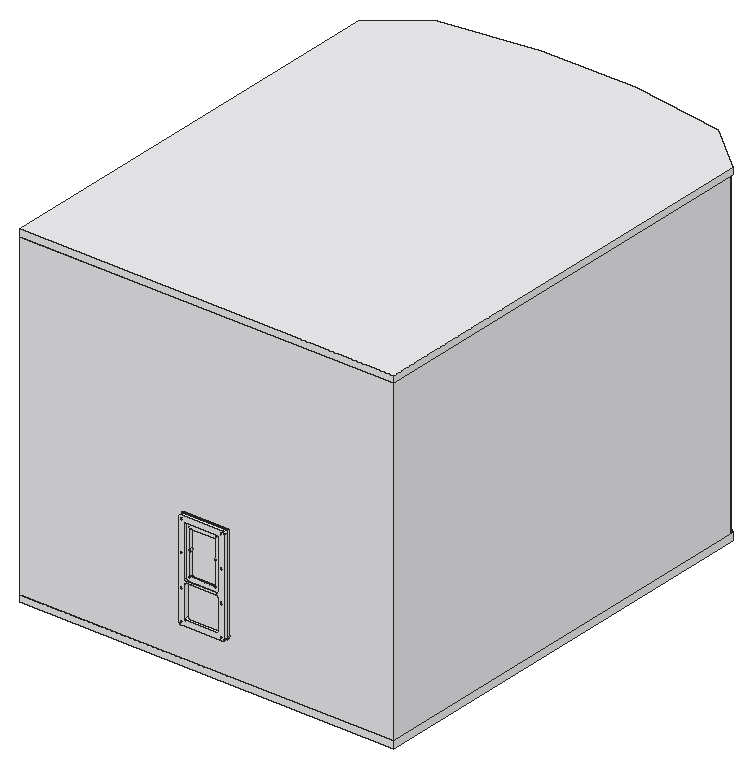
Revit family "EVC-1181S", category Communication Devices, Revit 2017 (continued)
Definition of nested family "InputPanel_small"
  Lines and regions (mm)
    model lines, not visible
      curve 470: line (52.991, -9.5, 66.791) -> (52.991, -9.5, 67.367)
      curve 471: line (52.991, -9.5, 67.367) -> (55.109, -9.5, 67.367)
      curve 472: line (55.109, -9.5, 67.367) -> (55.109, -9.5, 66.791)
      curve 473: line (55.109, -9.5, 66.791) -> (52.991, -9.5, 66.791)
      curve 474: line (55.107, -9.5, 85.998) -> (52.989, -9.5, 85.997)
      curve 475: line (52.989, -9.5, 85.997) -> (52.989, -9.5, 85.709)
      curve 476: line (52.989, -9.5, 85.709) -> (55.107, -9.5, 85.709)
      curve 477: line (55.107, -9.5, 85.709) -> (55.107, -9.5, 85.998)
      curve 478: line (55.107, -9.5, 85.998) -> (55.798, -9.5, 85.998)
      curve 479: line (55.801, -9.5, 60.772) -> (55.11, -9.5, 60.772)
      curve 480: line (55.11, -9.5, 60.772) -> (55.11, -9.5, 61.06)
      curve 481: line (55.11, -9.5, 61.06) -> (52.992, -9.5, 61.06)
      curve 482: line (52.992, -9.5, 61.06) -> (52.992, -9.5, 60.772)
      curve 483: line (52.992, -9.5, 60.772) -> (55.11, -9.5, 60.772)
      curve 484: line (54.504, -9.5, 76.743) -> (56.298, -9.5, 74.554)
      curve 485: line (56.298, -9.5, 74.554) -> (55.807, -9.5, 74.222)
      curve 486: line (54.503, -9.5, 83.049) -> (56.297, -9.5, 80.86)
      curve 487: line (56.297, -9.5, 80.86) -> (55.806, -9.5, 80.528)
      curve 488: line (54.531, -9.5, 76.998) -> (56.131, -9.5, 75.046)
      curve 489: line (56.131, -9.5, 75.046) -> (56.7, -9.5, 75.046)
      curve 490: line (56.7, -9.5, 75.046) -> (54.662, -9.5, 77.533)
      curve 491: line (54.531, -9.5, 83.304) -> (56.13, -9.5, 81.352)
      curve 492: line (56.13, -9.5, 81.352) -> (56.699, -9.5, 81.352)
      curve 493: line (56.699, -9.5, 81.352) -> (54.661, -9.5, 83.839)
      curve 494: line (54.505, -9.5, 70.437) -> (56.298, -9.5, 68.248)
      curve 495: line (56.298, -9.5, 68.248) -> (55.807, -9.5, 67.915)
      curve 496: line (54.506, -9.5, 64.13) -> (56.299, -9.5, 61.942)
      curve 497: line (56.299, -9.5, 61.942) -> (55.808, -9.5, 61.609)
      curve 498: line (54.533, -9.5, 64.385) -> (56.132, -9.5, 62.433)
      curve 499: line (56.132, -9.5, 62.433) -> (56.702, -9.5, 62.433)
      curve 500: line (56.702, -9.5, 62.433) -> (54.664, -9.5, 64.92)
      curve 501: line (54.532, -9.5, 70.691) -> (56.131, -9.5, 68.739)
      curve 502: line (56.131, -9.5, 68.739) -> (56.701, -9.5, 68.739)
      curve 503: line (56.701, -9.5, 68.739) -> (54.663, -9.5, 71.227)
      curve 504: line (51.568, -9.5, 63.815) -> (51.568, -9.5, 60.772)
      curve 505: line (51.568, -9.5, 60.772) -> (46.145, -9.5, 60.771)
      curve 506: line (46.145, -9.5, 60.771) -> (46.141, -9.5, 85.996)
      curve 507: line (46.141, -9.5, 85.996) -> (51.565, -9.5, 85.997)
      curve 508: line (51.565, -9.5, 85.997) -> (52.989, -9.5, 85.997)
      curve 509: line (52.989, -9.5, 85.997) -> (49.876, -9.5, 86.125)
      curve 510: line (49.876, -9.5, 86.125) -> (49.754, -9.5, 86.302)
      curve 511: line (52.992, -9.5, 60.772) -> (51.568, -9.5, 60.772)
      curve 512: line (45.361, -9.5, 79.392) -> (45.362, -9.5, 73.88)
      curve 513: line (45.362, -9.5, 73.88) -> (41.147, -9.5, 73.88)
      curve 514: line (41.147, -9.5, 73.88) -> (41.146, -9.5, 79.392)
      curve 515: line (41.146, -9.5, 79.392) -> (45.361, -9.5, 79.392)
      curve 516: line (41.146, -9.5, 79.988) -> (41.145, -9.5, 85.499)
      curve 517: line (41.145, -9.5, 85.499) -> (45.36, -9.5, 85.5)
      curve 518: line (45.36, -9.5, 85.5) -> (45.361, -9.5, 79.988)
      curve 519: line (45.361, -9.5, 79.988) -> (41.146, -9.5, 79.988)
      curve 520: line (45.819, -9.5, 60.771) -> (45.816, -9.5, 85.996)
      curve 521: line (45.816, -9.5, 85.996) -> (40.689, -9.5, 85.996)
      curve 522: line (40.689, -9.5, 85.996) -> (40.692, -9.5, 60.771)
      curve 523: line (40.692, -9.5, 60.771) -> (45.819, -9.5, 60.771)
      curve 524: line (45.819, -9.5, 60.771) -> (46.145, -9.5, 60.771)
      curve 525: line (45.363, -9.5, 66.78) -> (45.363, -9.5, 61.268)
      curve 526: line (45.363, -9.5, 61.268) -> (41.148, -9.5, 61.267)
      curve 527: line (41.148, -9.5, 61.267) -> (41.147, -9.5, 66.779)
      curve 528: line (41.147, -9.5, 66.779) -> (45.363, -9.5, 66.78)
      curve 529: line (41.147, -9.5, 67.375) -> (41.147, -9.5, 72.887)
      curve 530: line (41.147, -9.5, 72.887) -> (45.362, -9.5, 72.887)
      curve 531: line (45.362, -9.5, 72.887) -> (45.363, -9.5, 67.375)
      curve 532: line (45.363, -9.5, 67.375) -> (41.147, -9.5, 67.375)
      curve 533: line (45.816, -9.5, 85.996) -> (46.141, -9.5, 85.996)
      curve 534: line (46.141, -9.5, 85.996) -> (42.88, -9.5, 86.124)
      curve 535: line (42.88, -9.5, 86.124) -> (42.758, -9.5, 86.301)
      curve 536: line (42.758, -9.5, 86.301) -> (45.891, -9.5, 86.301)
      curve 537: line (45.891, -9.5, 86.301) -> (46.013, -9.5, 86.124)
      curve 538: line (45.361, -9.5, 78.225) -> (43.953, -9.5, 78.225)
      curve 539: line (43.953, -9.5, 78.225) -> (43.627, -9.5, 78.913)
      curve 540: line (43.627, -9.5, 78.913) -> (43.242, -9.5, 79.392)
      curve 541: line (45.363, -9.5, 65.613) -> (43.954, -9.5, 65.612)
      curve 542: line (43.954, -9.5, 65.612) -> (43.629, -9.5, 66.3)
      curve 543: line (43.629, -9.5, 66.3) -> (43.244, -9.5, 66.779)
      curve 544: line (45.362, -9.5, 68.542) -> (43.954, -9.5, 68.542)
      curve 545: line (43.954, -9.5, 68.542) -> (43.629, -9.5, 67.854)
      curve 546: line (43.629, -9.5, 67.854) -> (43.244, -9.5, 67.375)
      curve 547: line (45.361, -9.5, 81.155) -> (43.952, -9.5, 81.155)
      curve 548: line (43.952, -9.5, 81.155) -> (43.627, -9.5, 80.467)
      curve 549: line (43.627, -9.5, 80.467) -> (43.242, -9.5, 79.988)
      curve 550: line (45.362, -9.5, 71.919) -> (43.954, -9.5, 71.919)
      curve 551: line (43.954, -9.5, 71.919) -> (43.628, -9.5, 72.607)
      curve 552: line (43.628, -9.5, 72.607) -> (43.403, -9.5, 72.887)
      curve 553: line (45.361, -9.5, 84.532) -> (43.952, -9.5, 84.531)
      curve 554: line (43.952, -9.5, 84.531) -> (43.627, -9.5, 85.219)
      curve 555: line (43.627, -9.5, 85.219) -> (43.401, -9.5, 85.5)
      curve 556: line (45.362, -9.5, 74.849) -> (43.953, -9.5, 74.848)
      curve 557: line (43.953, -9.5, 74.848) -> (43.628, -9.5, 74.16)
      curve 558: line (43.403, -9.5, 73.88) -> (43.628, -9.5, 74.16)
      curve 559: line (43.628, -9.5, 74.16) -> (43.627, -9.5, 78.913)
      curve 560: line (45.363, -9.5, 62.236) -> (43.955, -9.5, 62.236)
      curve 561: line (43.955, -9.5, 62.236) -> (43.629, -9.5, 61.548)
      curve 562: line (43.629, -9.5, 61.548) -> (43.629, -9.5, 66.3)
      curve 563: line (43.404, -9.5, 61.267) -> (43.629, -9.5, 61.548)
      curve 564: line (43.954, -9.5, 68.542) -> (43.954, -9.5, 71.919)
      curve 565: line (43.952, -9.5, 81.155) -> (43.952, -9.5, 84.531)
      curve 566: line (43.954, -9.5, 65.612) -> (43.955, -9.5, 62.236)
      curve 567: line (43.953, -9.5, 78.225) -> (43.953, -9.5, 74.848)
      curve 568: line (45.891, -9.5, 86.301) -> (45.891, -9.5, 86.563)
      curve 569: line (45.891, -9.5, 86.563) -> (42.758, -9.5, 86.562)
      curve 570: line (42.758, -9.5, 86.562) -> (42.758, -9.5, 86.301)
      curve 571: line (45.891, -9.5, 86.563) -> (46.472, -9.5, 86.563)
      curve 572: line (46.472, -9.5, 86.563) -> (46.472, -9.5, 86.301)
      curve 573: line (46.472, -9.5, 86.301) -> (46.35, -9.5, 86.124)
      curve 574: line (42.244, -9.5, 79.988) -> (42.243, -9.5, 85.499)
      curve 575: line (42.246, -9.5, 67.375) -> (42.245, -9.5, 72.887)
      curve 576: line (42.246, -9.5, 61.267) -> (42.246, -9.5, 66.779)
      curve 577: line (42.245, -9.5, 73.88) -> (42.244, -9.5, 79.392)
      curve 578: line (43.629, -9.5, 67.854) -> (43.628, -9.5, 72.607)
      curve 579: line (43.627, -9.5, 80.467) -> (43.627, -9.5, 85.219)
      curve 580: line (52.887, -9.5, 86.302) -> (53.009, -9.5, 86.125)
      curve 581: line (52.887, -9.5, 86.563) -> (52.887, -9.5, 86.302)
      curve 582: line (52.887, -9.5, 86.302) -> (49.754, -9.5, 86.302)
      curve 583: line (49.754, -9.5, 86.302) -> (49.754, -9.5, 86.563)
      curve 584: line (49.754, -9.5, 86.563) -> (52.887, -9.5, 86.563)
      curve 585: line (52.887, -9.5, 86.563) -> (53.468, -9.5, 86.563)
      curve 586: line (53.468, -9.5, 86.563) -> (53.468, -9.5, 86.302)
      curve 587: line (53.468, -9.5, 86.302) -> (53.346, -9.5, 86.125)
      curve 588: line (78.97, -9.5, 60.972) -> (78.967, -9.5, 85.803)
      curve 589: line (78.912, -9.5, 85.748) -> (78.915, -9.5, 61.027)
      curve 590: line (77.958, -9.5, 86.812) -> (40.515, -9.5, 86.808)
      curve 591: line (40.57, -9.5, 86.753) -> (77.903, -9.5, 86.757)
      curve 592: line (39.506, -9.5, 85.799) -> (39.509, -9.5, 60.968)
      curve 593: line (39.509, -9.5, 60.97) -> (39.561, -9.5, 85.744)
      curve 594: line (40.518, -9.5, 59.959) -> (77.962, -9.5, 59.963)
      curve 595: line (77.907, -9.5, 60.018) -> (40.573, -9.5, 60.014)
      curve 596: line (61.368, -9.5, 70.233) -> (59.749, -9.5, 70.232)
      curve 597: line (59.749, -9.5, 70.232) -> (59.415, -9.5, 70.232)
      curve 598: line (61.369, -9.5, 63.926) -> (59.75, -9.5, 63.926)
      curve 599: line (59.75, -9.5, 63.926) -> (59.417, -9.5, 63.926)
      curve 600: line (61.367, -9.5, 76.539) -> (59.748, -9.5, 76.539)
      curve 601: line (59.748, -9.5, 76.539) -> (59.415, -9.5, 76.539)
      curve 602: line (61.367, -9.5, 82.845) -> (59.747, -9.5, 82.845)
      curve 603: line (59.747, -9.5, 82.845) -> (59.414, -9.5, 82.845)
      curve 604: line (57.109, -9.5, 76.538) -> (58.728, -9.5, 76.539)
      curve 605: line (58.728, -9.5, 76.539) -> (59.062, -9.5, 76.539)
      curve 606: line (57.108, -9.5, 82.845) -> (58.727, -9.5, 82.845)
      curve 607: line (58.727, -9.5, 82.845) -> (59.06, -9.5, 82.845)
      curve 608: line (57.109, -9.5, 70.232) -> (58.729, -9.5, 70.232)
      curve 609: line (58.729, -9.5, 70.232) -> (59.062, -9.5, 70.232)
      curve 610: line (57.11, -9.5, 63.926) -> (58.729, -9.5, 63.926)
      curve 611: line (58.729, -9.5, 63.926) -> (59.063, -9.5, 63.926)
    model lines
      curve 612: arc (-30.696, -4.337, 30.291) -> (-31.037, -4.337, 28.695) -> (-32.139, -4.337, 27.491) r 3.109
      curve 613: arc (-30.695, -4.337, 42.904) -> (-31.035, -4.337, 41.308) -> (-32.138, -4.337, 40.104) r 3.109
      curve 614: arc (-30.698, -4.337, 23.985) -> (-31.033, -4.337, 22.399) -> (-32.121, -4.337, 21.198) r 3.108
      curve 615: arc (-30.696, -4.337, 36.598) -> (-31.031, -4.337, 35.012) -> (-32.119, -4.337, 33.811) r 3.108
      curve 616: arc (-31.992, -4.337, 33.004) -> (-31.001, -4.337, 31.812) -> (-30.695, -4.337, 30.291) r 3.166
      curve 617: arc (-31.991, -4.337, 45.616) -> (-30.999, -4.337, 44.424) -> (-30.693, -4.337, 42.904) r 3.166
      curve 618: arc (-31.993, -4.337, 26.696) -> (-31.002, -4.337, 25.504) -> (-30.696, -4.337, 23.985) r 3.165
      curve 619: arc (-31.991, -4.337, 39.309) -> (-31.001, -4.337, 38.117) -> (-30.695, -4.337, 36.598) r 3.165
      curve 620: arc (-30.343, -4.337, 36.598) -> (-30.002, -4.337, 38.194) -> (-28.9, -4.337, 39.398) r 3.109
      curve 621: arc (-30.344, -4.337, 23.985) -> (-30.004, -4.337, 25.581) -> (-28.901, -4.337, 26.785) r 3.109
      curve 622: arc (-30.341, -4.337, 42.904) -> (-30.006, -4.337, 44.49) -> (-28.918, -4.337, 45.691) r 3.108
      curve 623: arc (-30.343, -4.337, 30.291) -> (-30.007, -4.337, 31.877) -> (-28.92, -4.337, 33.078) r 3.108
      curve 624: arc (-29.046, -4.337, 33.885) -> (-30.038, -4.337, 35.077) -> (-30.344, -4.337, 36.598) r 3.166
      curve 625: arc (-29.048, -4.337, 21.273) -> (-30.039, -4.337, 22.465) -> (-30.346, -4.337, 23.985) r 3.166
      curve 626: arc (-29.046, -4.337, 40.193) -> (-30.037, -4.337, 41.385) -> (-30.343, -4.337, 42.904) r 3.165
      curve 627: arc (-29.048, -4.337, 27.58) -> (-30.038, -4.337, 28.772) -> (-30.344, -4.337, 30.291) r 3.165
      curve 628: arc (-33.959, -4.337, 27.746) -> (-35.033, -4.337, 28.816) -> (-35.384, -4.337, 30.292) r 2.775
      curve 629: arc (-34.651, -4.337, 27.426) -> (-35.725, -4.337, 28.679) -> (-36.075, -4.337, 30.292) r 3.371
      curve 630: arc (-33.959, -4.337, 27.746) -> (-34.28, -4.337, 27.533) -> (-34.651, -4.337, 27.426) r 1.273
      curve 631: arc (-33.957, -4.337, 40.358) -> (-35.031, -4.337, 41.429) -> (-35.382, -4.337, 42.905) r 2.775
      curve 632: arc (-34.649, -4.337, 40.039) -> (-35.723, -4.337, 41.292) -> (-36.074, -4.337, 42.905) r 3.371
      curve 633: arc (-33.957, -4.337, 40.358) -> (-34.279, -4.337, 40.146) -> (-34.649, -4.337, 40.039) r 1.273
      curve 634: arc (-33.96, -4.337, 21.44) -> (-35.033, -4.337, 22.511) -> (-35.384, -4.337, 23.986) r 2.774
      curve 635: arc (-34.651, -4.337, 21.121) -> (-35.725, -4.337, 22.374) -> (-36.075, -4.337, 23.986) r 3.37
      curve 636: arc (-33.96, -4.337, 21.44) -> (-34.281, -4.337, 21.228) -> (-34.651, -4.337, 21.121) r 1.273
      curve 637: arc (-33.958, -4.337, 34.053) -> (-35.032, -4.337, 35.123) -> (-35.382, -4.337, 36.598) r 2.774
      curve 638: arc (-34.65, -4.337, 33.734) -> (-35.723, -4.337, 34.986) -> (-36.074, -4.337, 36.598) r 3.37
      curve 639: arc (-33.958, -4.337, 34.053) -> (-34.28, -4.337, 33.84) -> (-34.65, -4.337, 33.734) r 1.273
      curve 640: arc (-35.384, -4.337, 30.292) -> (-35.033, -4.337, 31.767) -> (-33.958, -4.337, 32.838) r 2.775
      curve 641: arc (-34.65, -4.337, 33.157) -> (-34.28, -4.337, 33.051) -> (-33.958, -4.337, 32.838) r 1.273
      curve 642: arc (-36.075, -4.337, 30.292) -> (-35.724, -4.337, 31.905) -> (-34.65, -4.337, 33.157) r 3.371
      curve 643: arc (-35.382, -4.337, 42.905) -> (-35.031, -4.337, 44.38) -> (-33.957, -4.337, 45.451) r 2.775
      curve 644: arc (-34.648, -4.337, 45.77) -> (-34.278, -4.337, 45.663) -> (-33.957, -4.337, 45.451) r 1.273
      curve 645: arc (-36.074, -4.337, 42.905) -> (-35.723, -4.337, 44.517) -> (-34.648, -4.337, 45.77) r 3.371
      curve 646: arc (-35.384, -4.337, 23.986) -> (-35.033, -4.337, 25.461) -> (-33.959, -4.337, 26.531) r 2.774
      curve 647: arc (-34.651, -4.337, 26.85) -> (-34.28, -4.337, 26.743) -> (-33.959, -4.337, 26.531) r 1.273
      curve 648: arc (-36.075, -4.337, 23.986) -> (-35.725, -4.337, 25.598) -> (-34.651, -4.337, 26.85) r 3.37
      curve 649: arc (-35.382, -4.337, 36.598) -> (-35.031, -4.337, 38.073) -> (-33.958, -4.337, 39.143) r 2.774
      curve 650: arc (-34.649, -4.337, 39.463) -> (-34.279, -4.337, 39.356) -> (-33.958, -4.337, 39.143) r 1.273
      curve 651: arc (-36.074, -4.337, 36.598) -> (-35.723, -4.337, 38.21) -> (-34.649, -4.337, 39.463) r 3.37
      curve 652: arc (-30.908, -4.337, 23.985) -> (-31.259, -4.337, 22.51) -> (-32.333, -4.337, 21.44) r 2.774
      curve 653: arc (-32.332, -4.337, 26.53) -> (-31.258, -4.337, 25.46) -> (-30.908, -4.337, 23.985) r 2.774
      curve 654: arc (-30.906, -4.337, 30.291) -> (-31.258, -4.337, 28.816) -> (-32.332, -4.337, 27.745) r 2.775
      curve 655: arc (-32.331, -4.337, 32.838) -> (-31.257, -4.337, 31.767) -> (-30.906, -4.337, 30.291) r 2.775
      curve 656: arc (-30.906, -4.337, 36.598) -> (-31.257, -4.337, 35.123) -> (-32.331, -4.337, 34.053) r 2.774
      curve 657: arc (-32.33, -4.337, 39.143) -> (-31.257, -4.337, 38.073) -> (-30.906, -4.337, 36.598) r 2.774
      curve 658: arc (-30.905, -4.337, 42.904) -> (-31.256, -4.337, 41.429) -> (-32.33, -4.337, 40.358) r 2.775
      curve 659: arc (-32.33, -4.337, 45.45) -> (-31.256, -4.337, 44.38) -> (-30.905, -4.337, 42.904) r 2.775
      curve 660: arc (-36.768, -4.337, 27.427) -> (-37.818, -4.337, 28.63) -> (-38.191, -4.337, 30.182) r 3.348
      curve 661: arc (-36.766, -4.337, 40.039) -> (-37.816, -4.337, 41.242) -> (-38.19, -4.337, 42.794) r 3.348
      curve 662: arc (-38.191, -4.337, 30.403) -> (-37.817, -4.337, 31.955) -> (-36.767, -4.337, 33.158) r 3.348
      curve 663: arc (-38.19, -4.337, 43.015) -> (-37.816, -4.337, 44.568) -> (-36.766, -4.337, 45.77) r 3.348
      curve 664: arc (-36.769, -4.337, 21.121) -> (-37.825, -4.337, 22.337) -> (-38.192, -4.337, 23.905) r 3.353
      curve 665: arc (-36.767, -4.337, 33.734) -> (-37.823, -4.337, 34.95) -> (-38.191, -4.337, 36.517) r 3.353
      curve 666: arc (-38.192, -4.337, 24.067) -> (-37.824, -4.337, 25.635) -> (-36.768, -4.337, 26.85) r 3.353
      curve 667: arc (-38.191, -4.337, 36.68) -> (-37.823, -4.337, 38.248) -> (-36.767, -4.337, 39.463) r 3.353
      curve 668: arc (-32.649, -4.337, 30.292) -> (-32.982, -4.337, 28.919) -> (-34.009, -4.337, 27.951) r 2.482
      curve 669: arc (-32.65, -4.337, 23.985) -> (-32.983, -4.337, 22.613) -> (-34.01, -4.337, 21.644) r 2.482
      curve 670: arc (-33.058, -4.337, 25.478) -> (-32.751, -4.337, 24.76) -> (-32.65, -4.337, 23.985) r 2.857
      curve 671: arc (-33.734, -4.337, 25.636) -> (-33.68, -4.337, 25.558) -> (-33.628, -4.337, 25.478) r 2.446
      curve 672: arc (-33.058, -4.337, 31.784) -> (-32.75, -4.337, 31.066) -> (-32.649, -4.337, 30.292) r 2.857
      curve 673: arc (-33.733, -4.337, 31.942) -> (-33.679, -4.337, 31.864) -> (-33.627, -4.337, 31.784) r 2.446
      curve 674: arc (-32.649, -4.337, 36.598) -> (-32.981, -4.337, 35.226) -> (-34.008, -4.337, 34.257) r 2.482
      curve 675: arc (-32.648, -4.337, 42.904) -> (-32.98, -4.337, 41.532) -> (-34.008, -4.337, 40.563) r 2.482
      curve 676: arc (-33.057, -4.337, 38.091) -> (-32.75, -4.337, 37.372) -> (-32.649, -4.337, 36.598) r 2.857
      curve 677: arc (-33.733, -4.337, 38.249) -> (-33.678, -4.337, 38.171) -> (-33.626, -4.337, 38.091) r 2.446
      curve 678: arc (-33.056, -4.337, 44.397) -> (-32.749, -4.337, 43.679) -> (-32.648, -4.337, 42.904) r 2.857
      curve 679: arc (-33.732, -4.337, 44.555) -> (-33.677, -4.337, 44.477) -> (-33.626, -4.337, 44.397) r 2.446
      curve 680: arc (-27.08, -4.337, 39.143) -> (-26.006, -4.337, 38.073) -> (-25.655, -4.337, 36.597) r 2.775
      curve 681: arc (-26.388, -4.337, 39.463) -> (-25.314, -4.337, 38.21) -> (-24.964, -4.337, 36.597) r 3.371
      curve 682: arc (-27.08, -4.337, 39.143) -> (-26.759, -4.337, 39.356) -> (-26.388, -4.337, 39.463) r 1.273
      curve 683: arc (-27.082, -4.337, 26.531) -> (-26.007, -4.337, 25.46) -> (-25.657, -4.337, 23.984) r 2.775
      curve 684: arc (-26.39, -4.337, 26.85) -> (-25.316, -4.337, 25.597) -> (-24.965, -4.337, 23.984) r 3.371
      curve 685: arc (-27.082, -4.337, 26.531) -> (-26.76, -4.337, 26.743) -> (-26.39, -4.337, 26.85) r 1.273
      curve 686: arc (-27.079, -4.337, 45.449) -> (-26.006, -4.337, 44.378) -> (-25.655, -4.337, 42.903) r 2.774
      curve 687: arc (-26.388, -4.337, 45.768) -> (-25.314, -4.337, 44.515) -> (-24.963, -4.337, 42.903) r 3.37
      curve 688: arc (-27.079, -4.337, 45.449) -> (-26.758, -4.337, 45.661) -> (-26.388, -4.337, 45.768) r 1.273
      curve 689: arc (-27.081, -4.337, 32.836) -> (-26.007, -4.337, 31.766) -> (-25.657, -4.337, 30.291) r 2.774
      curve 690: arc (-26.389, -4.337, 33.155) -> (-25.315, -4.337, 31.903) -> (-24.965, -4.337, 30.291) r 3.37
      curve 691: arc (-27.081, -4.337, 32.836) -> (-26.759, -4.337, 33.049) -> (-26.389, -4.337, 33.155) r 1.273
      curve 692: arc (-25.655, -4.337, 36.597) -> (-26.006, -4.337, 35.122) -> (-27.081, -4.337, 34.051) r 2.775
      curve 693: arc (-26.389, -4.337, 33.732) -> (-26.759, -4.337, 33.838) -> (-27.081, -4.337, 34.051) r 1.273
      curve 694: arc (-24.964, -4.337, 36.597) -> (-25.315, -4.337, 34.984) -> (-26.389, -4.337, 33.732) r 3.371
      curve 695: arc (-25.657, -4.337, 23.984) -> (-26.008, -4.337, 22.509) -> (-27.082, -4.337, 21.438) r 2.775
      curve 696: arc (-26.391, -4.337, 21.119) -> (-26.761, -4.337, 21.226) -> (-27.082, -4.337, 21.438) r 1.273
      curve 697: arc (-24.965, -4.337, 23.984) -> (-25.316, -4.337, 22.372) -> (-26.391, -4.337, 21.119) r 3.371
      curve 698: arc (-25.655, -4.337, 42.903) -> (-26.006, -4.337, 41.429) -> (-27.08, -4.337, 40.358) r 2.774
      curve 699: arc (-26.388, -4.337, 40.039) -> (-26.759, -4.337, 40.146) -> (-27.08, -4.337, 40.358) r 1.273
      curve 700: arc (-24.963, -4.337, 42.903) -> (-25.314, -4.337, 41.291) -> (-26.388, -4.337, 40.039) r 3.37
      curve 701: arc (-25.657, -4.337, 30.291) -> (-26.008, -4.337, 28.816) -> (-27.081, -4.337, 27.746) r 2.774
      curve 702: arc (-26.39, -4.337, 27.426) -> (-26.76, -4.337, 27.533) -> (-27.081, -4.337, 27.746) r 1.273
      curve 703: arc (-24.965, -4.337, 30.291) -> (-25.316, -4.337, 28.679) -> (-26.39, -4.337, 27.426) r 3.37
      curve 704: arc (-30.131, -4.337, 42.904) -> (-29.78, -4.337, 44.379) -> (-28.706, -4.337, 45.449) r 2.774
      curve 705: arc (-28.707, -4.337, 40.359) -> (-29.78, -4.337, 41.429) -> (-30.131, -4.337, 42.904) r 2.774
      curve 706: arc (-30.133, -4.337, 36.598) -> (-29.781, -4.337, 38.073) -> (-28.707, -4.337, 39.144) r 2.775
      curve 707: arc (-28.708, -4.337, 34.051) -> (-29.782, -4.337, 35.122) -> (-30.133, -4.337, 36.598) r 2.775
      curve 708: arc (-30.133, -4.337, 30.291) -> (-29.782, -4.337, 31.766) -> (-28.708, -4.337, 32.836) r 2.774
      curve 709: arc (-28.708, -4.337, 27.746) -> (-29.782, -4.337, 28.816) -> (-30.133, -4.337, 30.291) r 2.774
      curve 710: arc (-30.134, -4.337, 23.985) -> (-29.783, -4.337, 25.46) -> (-28.709, -4.337, 26.531) r 2.775
      curve 711: arc (-28.709, -4.337, 21.439) -> (-29.783, -4.337, 22.509) -> (-30.134, -4.337, 23.985) r 2.775
      curve 712: arc (-24.271, -4.337, 39.462) -> (-23.221, -4.337, 38.26) -> (-22.848, -4.337, 36.707) r 3.348
      curve 713: arc (-24.272, -4.337, 26.85) -> (-23.223, -4.337, 25.647) -> (-22.849, -4.337, 24.095) r 3.348
      curve 714: arc (-22.848, -4.337, 36.486) -> (-23.222, -4.337, 34.934) -> (-24.272, -4.337, 33.731) r 3.348
      curve 715: arc (-22.849, -4.337, 23.874) -> (-23.223, -4.337, 22.321) -> (-24.273, -4.337, 21.119) r 3.348
      curve 716: arc (-24.27, -4.337, 45.768) -> (-23.214, -4.337, 44.552) -> (-22.847, -4.337, 42.984) r 3.353
      curve 717: arc (-24.272, -4.337, 33.155) -> (-23.216, -4.337, 31.939) -> (-22.848, -4.337, 30.372) r 3.353
      curve 718: arc (-22.847, -4.337, 42.822) -> (-23.215, -4.337, 41.254) -> (-24.271, -4.337, 40.039) r 3.353
      curve 719: arc (-22.848, -4.337, 30.209) -> (-23.216, -4.337, 28.641) -> (-24.272, -4.337, 27.426) r 3.353
      curve 720: arc (-28.389, -4.337, 42.904) -> (-28.056, -4.337, 44.276) -> (-27.029, -4.337, 45.245) r 2.482
      curve 721: arc (-28.39, -4.337, 36.597) -> (-28.057, -4.337, 37.97) -> (-27.03, -4.337, 38.938) r 2.482
      curve 722: arc (-27.981, -4.337, 35.105) -> (-28.288, -4.337, 35.823) -> (-28.39, -4.337, 36.597) r 2.857
      curve 723: arc (-27.306, -4.337, 34.947) -> (-27.36, -4.337, 35.025) -> (-27.412, -4.337, 35.105) r 2.446
      curve 724: arc (-27.981, -4.337, 41.411) -> (-28.288, -4.337, 42.129) -> (-28.389, -4.337, 42.904) r 2.857
      curve 725: arc (-27.305, -4.337, 41.253) -> (-27.359, -4.337, 41.331) -> (-27.411, -4.337, 41.411) r 2.446
      curve 726: arc (-28.39, -4.337, 30.291) -> (-28.058, -4.337, 31.663) -> (-27.031, -4.337, 32.632) r 2.482
      curve 727: arc (-28.391, -4.337, 23.985) -> (-28.058, -4.337, 25.357) -> (-27.031, -4.337, 26.326) r 2.482
      curve 728: arc (-27.983, -4.337, 22.492) -> (-28.29, -4.337, 23.21) -> (-28.391, -4.337, 23.985) r 2.857
      curve 729: arc (-27.307, -4.337, 22.334) -> (-27.362, -4.337, 22.412) -> (-27.413, -4.337, 22.492) r 2.446
      curve 730: arc (-27.982, -4.337, 28.799) -> (-28.289, -4.337, 29.517) -> (-28.39, -4.337, 30.291) r 2.857
      curve 731: arc (-27.306, -4.337, 28.64) -> (-27.361, -4.337, 28.718) -> (-27.412, -4.337, 28.798) r 2.446
      curve 732: spline (-49.243, -4.337, 20.022) -> (-49.374, -4.337, 20.031) -> (-49.504, -4.337, 20.057) -> (-49.629, -4.337, 20.099) -> (-49.747, -4.337, 20.158) -> (-49.857, -4.337, 20.231) -> (-49.956, -4.337, 20.318) -> (-50.043, -4.337, 20.417) -> (-50.116, -4.337, 20.527) -> (-50.175, -4.337, 20.645) -> (-50.217, -4.337, 20.77) -> (-50.243, -4.337, 20.9) -> (-50.251, -4.337, 21.031)
      curve 733: spline (-50.248, -4.337, 45.862) -> (-50.24, -4.337, 45.994) -> (-50.214, -4.337, 46.124) -> (-50.172, -4.337, 46.249) -> (-50.113, -4.337, 46.367) -> (-50.04, -4.337, 46.477) -> (-49.953, -4.337, 46.576) -> (-49.854, -4.337, 46.663) -> (-49.744, -4.337, 46.736) -> (-49.626, -4.337, 46.794) -> (-49.501, -4.337, 46.837) -> (-49.371, -4.337, 46.863) -> (-49.239, -4.337, 46.871)
      curve 734: spline (-11.796, -4.337, 46.867) -> (-11.664, -4.337, 46.858) -> (-11.535, -4.337, 46.832) -> (-11.41, -4.337, 46.79) -> (-11.291, -4.337, 46.731) -> (-11.182, -4.337, 46.658) -> (-11.082, -4.337, 46.571) -> (-10.995, -4.337, 46.472) -> (-10.922, -4.337, 46.362) -> (-10.864, -4.337, 46.244) -> (-10.821, -4.337, 46.119) -> (-10.796, -4.337, 45.989) -> (-10.787, -4.337, 45.858)
      curve 735: spline (-10.79, -4.337, 21.029) -> (-10.798, -4.337, 20.897) -> (-10.824, -4.337, 20.767) -> (-10.866, -4.337, 20.642) -> (-10.925, -4.337, 20.523) -> (-10.998, -4.337, 20.413) -> (-11.085, -4.337, 20.314) -> (-11.184, -4.337, 20.227) -> (-11.294, -4.337, 20.153) -> (-11.412, -4.337, 20.095) -> (-11.538, -4.337, 20.052) -> (-11.667, -4.337, 20.026) -> (-11.799, -4.337, 20.018)
      curve 736: spline (-11.851, -4.337, 46.812) -> (-11.719, -4.337, 46.803) -> (-11.59, -4.337, 46.777) -> (-11.465, -4.337, 46.735) -> (-11.346, -4.337, 46.676) -> (-11.237, -4.337, 46.603) -> (-11.137, -4.337, 46.516) -> (-11.05, -4.337, 46.417) -> (-10.977, -4.337, 46.307) -> (-10.919, -4.337, 46.189) -> (-10.876, -4.337, 46.064) -> (-10.851, -4.337, 45.934) -> (-10.842, -4.337, 45.803)
      curve 737: spline (-10.845, -4.337, 21.082) -> (-10.854, -4.337, 20.95) -> (-10.879, -4.337, 20.82) -> (-10.922, -4.337, 20.696) -> (-10.98, -4.337, 20.577) -> (-11.054, -4.337, 20.467) -> (-11.141, -4.337, 20.368) -> (-11.24, -4.337, 20.281) -> (-11.35, -4.337, 20.208) -> (-11.468, -4.337, 20.15) -> (-11.593, -4.337, 20.107) -> (-11.722, -4.337, 20.081) -> (-11.854, -4.337, 20.073)
      curve 738: spline (-50.193, -4.337, 45.807) -> (-50.185, -4.337, 45.939) -> (-50.159, -4.337, 46.069) -> (-50.117, -4.337, 46.194) -> (-50.058, -4.337, 46.312) -> (-49.985, -4.337, 46.422) -> (-49.898, -4.337, 46.521) -> (-49.799, -4.337, 46.608) -> (-49.689, -4.337, 46.681) -> (-49.571, -4.337, 46.739) -> (-49.446, -4.337, 46.782) -> (-49.316, -4.337, 46.808) -> (-49.184, -4.337, 46.816)
      curve 739: spline (-49.188, -4.337, 20.077) -> (-49.319, -4.337, 20.086) -> (-49.449, -4.337, 20.112) -> (-49.574, -4.337, 20.154) -> (-49.692, -4.337, 20.213) -> (-49.802, -4.337, 20.286) -> (-49.901, -4.337, 20.373) -> (-49.988, -4.337, 20.472) -> (-50.061, -4.337, 20.582) -> (-50.12, -4.337, 20.7) -> (-50.162, -4.337, 20.825) -> (-50.188, -4.337, 20.955) -> (-50.196, -4.337, 21.086)
      curve 740: line (-35.26, -4.337, 30.292) -> (-35.099, -4.337, 31.28)
      curve 741: line (-35.099, -4.337, 31.28) -> (-34.641, -4.337, 32.118)
      curve 742: line (-34.641, -4.337, 32.118) -> (-33.954, -4.337, 32.677)
      curve 743: line (-33.954, -4.337, 32.677) -> (-33.145, -4.337, 32.874)
      curve 744: line (-33.145, -4.337, 32.874) -> (-32.335, -4.337, 32.677)
      curve 745: line (-32.335, -4.337, 32.677) -> (-31.649, -4.337, 32.117)
      curve 746: line (-31.649, -4.337, 32.117) -> (-31.191, -4.337, 31.28)
      curve 747: line (-31.191, -4.337, 31.28) -> (-31.03, -4.337, 30.291)
      curve 748: line (-31.03, -4.337, 30.291) -> (-31.191, -4.337, 29.303)
      curve 749: line (-31.191, -4.337, 29.303) -> (-31.65, -4.337, 28.466)
      curve 750: line (-31.65, -4.337, 28.466) -> (-32.336, -4.337, 27.906)
      curve 751: line (-32.336, -4.337, 27.906) -> (-33.145, -4.337, 27.71)
      curve 752: line (-33.145, -4.337, 27.71) -> (-33.955, -4.337, 27.906)
      curve 753: line (-33.955, -4.337, 27.906) -> (-34.641, -4.337, 28.466)
      curve 754: line (-34.641, -4.337, 28.466) -> (-35.096, -4.337, 29.297)
      curve 755: line (-35.099, -4.337, 29.304) -> (-35.384, -4.337, 30.292)
      curve 756: line (-35.384, -4.337, 30.292) -> (-36.075, -4.337, 30.292)
      curve 757: line (-36.075, -4.337, 30.292) -> (-38.193, -4.337, 30.292)
      curve 758: line (-38.193, -4.337, 30.292) -> (-38.192, -4.337, 24.067)
      curve 759: line (-35.259, -4.337, 42.905) -> (-35.098, -4.337, 43.893)
      curve 760: line (-35.098, -4.337, 43.893) -> (-34.639, -4.337, 44.73)
      curve 761: line (-34.639, -4.337, 44.73) -> (-33.953, -4.337, 45.29)
      curve 762: line (-33.953, -4.337, 45.29) -> (-33.143, -4.337, 45.486)
      curve 763: line (-33.143, -4.337, 45.486) -> (-32.334, -4.337, 45.29)
      curve 764: line (-32.334, -4.337, 45.29) -> (-31.648, -4.337, 44.73)
      curve 765: line (-31.648, -4.337, 44.73) -> (-31.189, -4.337, 43.892)
      curve 766: line (-31.189, -4.337, 43.892) -> (-31.028, -4.337, 42.904)
      curve 767: line (-31.028, -4.337, 42.904) -> (-31.19, -4.337, 41.916)
      curve 768: line (-31.19, -4.337, 41.916) -> (-31.648, -4.337, 41.078)
      curve 769: line (-31.648, -4.337, 41.078) -> (-32.334, -4.337, 40.519)
      curve 770: line (-32.334, -4.337, 40.519) -> (-33.144, -4.337, 40.322)
      curve 771: line (-33.144, -4.337, 40.322) -> (-33.953, -4.337, 40.519)
      curve 772: line (-33.953, -4.337, 40.519) -> (-34.639, -4.337, 41.079)
      curve 773: line (-34.639, -4.337, 41.079) -> (-35.094, -4.337, 41.91)
      curve 774: line (-35.098, -4.337, 41.916) -> (-35.382, -4.337, 42.905)
      curve 775: line (-35.382, -4.337, 42.905) -> (-36.074, -4.337, 42.905)
      curve 776: line (-36.074, -4.337, 42.905) -> (-38.191, -4.337, 42.905)
      curve 777: line (-38.191, -4.337, 42.905) -> (-38.191, -4.337, 36.68)
      curve 778: line (-35.261, -4.337, 23.986) -> (-35.1, -4.337, 24.974)
      curve 779: line (-35.1, -4.337, 24.974) -> (-34.641, -4.337, 25.811)
      curve 780: line (-34.641, -4.337, 25.811) -> (-33.955, -4.337, 26.371)
      curve 781: line (-33.955, -4.337, 26.371) -> (-33.146, -4.337, 26.567)
      curve 782: line (-33.146, -4.337, 26.567) -> (-32.336, -4.337, 26.371)
      curve 783: line (-32.336, -4.337, 26.371) -> (-31.65, -4.337, 25.811)
      curve 784: line (-31.65, -4.337, 25.811) -> (-31.192, -4.337, 24.973)
      curve 785: line (-31.192, -4.337, 24.973) -> (-31.031, -4.337, 23.985)
      curve 786: line (-31.031, -4.337, 23.985) -> (-31.192, -4.337, 22.997)
      curve 787: line (-31.192, -4.337, 22.997) -> (-31.65, -4.337, 22.159)
      curve 788: line (-31.65, -4.337, 22.159) -> (-32.337, -4.337, 21.6)
      curve 789: line (-32.337, -4.337, 21.6) -> (-33.146, -4.337, 21.403)
      curve 790: line (-33.146, -4.337, 21.403) -> (-33.956, -4.337, 21.6)
      curve 791: line (-33.956, -4.337, 21.6) -> (-34.642, -4.337, 22.16)
      curve 792: line (-34.642, -4.337, 22.16) -> (-35.096, -4.337, 22.991)
      curve 793: line (-35.1, -4.337, 22.997) -> (-35.384, -4.337, 23.986)
      curve 794: line (-35.384, -4.337, 23.986) -> (-36.075, -4.337, 23.986)
      curve 795: line (-36.075, -4.337, 23.986) -> (-38.193, -4.337, 23.986)
      curve 796: line (-38.193, -4.337, 23.986) -> (-38.192, -4.337, 20.833)
      curve 797: line (-38.192, -4.337, 20.833) -> (-36.769, -4.337, 20.833)
      curve 798: line (-36.769, -4.337, 20.833) -> (-39.881, -4.337, 20.705)
      curve 799: line (-39.881, -4.337, 20.705) -> (-40.003, -4.337, 20.528)
      curve 800: line (-40.003, -4.337, 20.528) -> (-36.871, -4.337, 20.528)
      curve 801: line (-36.871, -4.337, 20.528) -> (-36.749, -4.337, 20.705)
      curve 802: line (-35.259, -4.337, 36.598) -> (-35.098, -4.337, 37.586)
      curve 803: line (-35.098, -4.337, 37.586) -> (-34.64, -4.337, 38.424)
      curve 804: line (-34.64, -4.337, 38.424) -> (-33.953, -4.337, 38.984)
      curve 805: line (-33.953, -4.337, 38.984) -> (-33.144, -4.337, 39.18)
      curve 806: line (-33.144, -4.337, 39.18) -> (-32.335, -4.337, 38.983)
      curve 807: line (-32.335, -4.337, 38.983) -> (-31.648, -4.337, 38.424)
      curve 808: line (-31.648, -4.337, 38.424) -> (-31.19, -4.337, 37.586)
      curve 809: line (-31.19, -4.337, 37.586) -> (-31.029, -4.337, 36.598)
      curve 810: line (-31.029, -4.337, 36.598) -> (-31.19, -4.337, 35.61)
      curve 811: line (-31.19, -4.337, 35.61) -> (-31.649, -4.337, 34.772)
      curve 812: line (-31.649, -4.337, 34.772) -> (-32.335, -4.337, 34.212)
      curve 813: line (-32.335, -4.337, 34.212) -> (-33.145, -4.337, 34.016)
      curve 814: line (-33.145, -4.337, 34.016) -> (-33.954, -4.337, 34.213)
      curve 815: line (-33.954, -4.337, 34.213) -> (-34.64, -4.337, 34.772)
      curve 816: line (-34.64, -4.337, 34.772) -> (-35.095, -4.337, 35.603)
      curve 817: line (-35.099, -4.337, 35.61) -> (-35.382, -4.337, 36.598)
      curve 818: line (-35.382, -4.337, 36.598) -> (-36.074, -4.337, 36.598)
      curve 819: line (-36.074, -4.337, 36.598) -> (-38.191, -4.337, 36.599)
      curve 820: line (-38.191, -4.337, 36.599) -> (-38.191, -4.337, 30.403)
      curve 821: line (-32.33, -4.337, 46.057) -> (-32.118, -4.337, 46.057)
      curve 822: line (-32.118, -4.337, 46.057) -> (-32.118, -4.337, 45.714)
      curve 823: line (-32.197, -4.337, 45.576) -> (-32.33, -4.337, 45.45)
      curve 824: line (-32.33, -4.337, 45.45) -> (-32.33, -4.337, 46.057)
      curve 825: line (-32.33, -4.337, 46.057) -> (-33.957, -4.337, 46.058)
      curve 826: line (-33.957, -4.337, 46.058) -> (-33.957, -4.337, 45.451)
      curve 827: line (-33.958, -4.337, 39.143) -> (-33.957, -4.337, 40.358)
      curve 828: line (-33.958, -4.337, 32.838) -> (-33.958, -4.337, 34.053)
      curve 829: line (-33.959, -4.337, 26.531) -> (-33.959, -4.337, 27.746)
      curve 830: line (-32.333, -4.337, 20.832) -> (-32.121, -4.337, 20.832)
      curve 831: line (-32.121, -4.337, 20.832) -> (-32.121, -4.337, 21.198)
      curve 832: line (-32.2, -4.337, 21.314) -> (-32.333, -4.337, 21.44)
      curve 833: line (-32.333, -4.337, 21.44) -> (-32.333, -4.337, 20.832)
      curve 834: line (-32.333, -4.337, 20.832) -> (-33.96, -4.337, 20.832)
      curve 835: line (-33.96, -4.337, 20.832) -> (-33.96, -4.337, 21.44)
      curve 836: line (-32.12, -4.337, 26.794) -> (-32.123, -4.337, 27.472)
      curve 837: line (-32.199, -4.337, 27.619) -> (-32.332, -4.337, 27.745)
      curve 838: line (-32.332, -4.337, 27.745) -> (-32.332, -4.337, 26.53)
      curve 839: line (-32.332, -4.337, 26.53) -> (-32.199, -4.337, 26.657)
      curve 840: line (-32.331, -4.337, 32.838) -> (-32.331, -4.337, 34.053)
      curve 841: line (-32.331, -4.337, 34.053) -> (-32.198, -4.337, 33.927)
      curve 842: line (-32.119, -4.337, 33.811) -> (-32.119, -4.337, 33.102)
      curve 843: line (-32.198, -4.337, 32.964) -> (-32.331, -4.337, 32.838)
      curve 844: line (-32.119, -4.337, 39.407) -> (-32.122, -4.337, 40.085)
      curve 845: line (-32.197, -4.337, 40.232) -> (-32.33, -4.337, 40.358)
      curve 846: line (-32.33, -4.337, 40.358) -> (-32.33, -4.337, 39.143)
      curve 847: line (-32.33, -4.337, 39.143) -> (-32.197, -4.337, 39.269)
      curve 848: line (-36.767, -4.337, 33.734) -> (-34.65, -4.337, 33.734)
      curve 849: line (-34.65, -4.337, 33.734) -> (-34.65, -4.337, 33.157)
      curve 850: line (-34.65, -4.337, 33.157) -> (-36.767, -4.337, 33.158)
      curve 851: line (-36.767, -4.337, 33.158) -> (-36.767, -4.337, 33.734)
      curve 852: line (-36.768, -4.337, 27.427) -> (-36.768, -4.337, 26.85)
      curve 853: line (-36.768, -4.337, 26.85) -> (-34.651, -4.337, 26.85)
      curve 854: line (-34.651, -4.337, 26.85) -> (-34.651, -4.337, 27.426)
      curve 855: line (-34.651, -4.337, 27.426) -> (-36.768, -4.337, 27.427)
      curve 856: line (-36.766, -4.337, 40.039) -> (-36.767, -4.337, 39.463)
      curve 857: line (-36.767, -4.337, 39.463) -> (-34.649, -4.337, 39.463)
      curve 858: line (-34.649, -4.337, 39.463) -> (-34.649, -4.337, 40.039)
      curve 859: line (-34.649, -4.337, 40.039) -> (-36.766, -4.337, 40.039)
      curve 860: line (-34.651, -4.337, 20.832) -> (-36.769, -4.337, 20.833)
      curve 861: line (-36.769, -4.337, 20.833) -> (-36.769, -4.337, 21.121)
      curve 862: line (-36.769, -4.337, 21.121) -> (-34.651, -4.337, 21.121)
      curve 863: line (-34.651, -4.337, 21.121) -> (-34.651, -4.337, 20.832)
      curve 864: line (-34.651, -4.337, 20.832) -> (-33.96, -4.337, 20.832)
      curve 865: line (-33.957, -4.337, 46.058) -> (-34.648, -4.337, 46.058)
      curve 866: line (-34.648, -4.337, 46.058) -> (-34.648, -4.337, 45.77)
      curve 867: line (-34.648, -4.337, 45.77) -> (-36.766, -4.337, 45.77)
      curve 868: line (-36.766, -4.337, 45.77) -> (-36.766, -4.337, 46.058)
      curve 869: line (-36.766, -4.337, 46.058) -> (-34.648, -4.337, 46.058)
      curve 870: line (-35.254, -4.337, 23.781) -> (-33.461, -4.337, 25.97)
      curve 871: line (-33.461, -4.337, 25.97) -> (-33.952, -4.337, 26.302)
      curve 872: line (-35.254, -4.337, 30.087) -> (-33.46, -4.337, 32.276)
      curve 873: line (-33.46, -4.337, 32.276) -> (-33.951, -4.337, 32.608)
      curve 874: line (-35.227, -4.337, 23.526) -> (-33.628, -4.337, 25.478)
      curve 875: line (-33.628, -4.337, 25.478) -> (-33.058, -4.337, 25.478)
      curve 876: line (-33.058, -4.337, 25.478) -> (-35.096, -4.337, 22.991)
      curve 877: line (-35.227, -4.337, 29.832) -> (-33.627, -4.337, 31.784)
      curve 878: line (-33.627, -4.337, 31.784) -> (-33.058, -4.337, 31.784)
      curve 879: line (-33.058, -4.337, 31.784) -> (-35.096, -4.337, 29.297)
      curve 880: line (-35.226, -4.337, 36.139) -> (-33.626, -4.337, 38.091)
      curve 881: line (-33.626, -4.337, 38.091) -> (-33.057, -4.337, 38.091)
      curve 882: line (-33.057, -4.337, 38.091) -> (-35.095, -4.337, 35.603)
      curve 883: line (-35.253, -4.337, 36.393) -> (-33.459, -4.337, 38.582)
      curve 884: line (-33.459, -4.337, 38.582) -> (-33.95, -4.337, 38.915)
      curve 885: line (-35.252, -4.337, 42.7) -> (-33.459, -4.337, 44.888)
      curve 886: line (-33.459, -4.337, 44.888) -> (-33.95, -4.337, 45.221)
      curve 887: line (-35.225, -4.337, 42.445) -> (-33.626, -4.337, 44.397)
      curve 888: line (-33.626, -4.337, 44.397) -> (-33.056, -4.337, 44.397)
      curve 889: line (-33.056, -4.337, 44.397) -> (-35.094, -4.337, 41.91)
      curve 890: line (-38.19, -4.337, 43.015) -> (-38.189, -4.337, 46.058)
      curve 891: line (-38.189, -4.337, 46.058) -> (-43.613, -4.337, 46.059)
      curve 892: line (-43.613, -4.337, 46.059) -> (-43.616, -4.337, 20.834)
      curve 893: line (-43.616, -4.337, 20.834) -> (-38.192, -4.337, 20.833)
      curve 894: line (-36.766, -4.337, 46.058) -> (-38.189, -4.337, 46.058)
      curve 895: line (-43.613, -4.337, 46.059) -> (-43.939, -4.337, 46.059)
      curve 896: line (-43.939, -4.337, 46.059) -> (-43.942, -4.337, 20.834)
      curve 897: line (-43.942, -4.337, 20.834) -> (-43.616, -4.337, 20.834)
      curve 898: line (-43.616, -4.337, 20.834) -> (-43.745, -4.337, 20.706)
      curve 899: line (-43.745, -4.337, 20.706) -> (-43.867, -4.337, 20.529)
      curve 900: line (-44.397, -4.337, 27.438) -> (-44.396, -4.337, 32.95)
      curve 901: line (-44.396, -4.337, 32.95) -> (-48.611, -4.337, 32.95)
      curve 902: line (-48.611, -4.337, 32.95) -> (-48.612, -4.337, 27.438)
      curve 903: line (-48.612, -4.337, 27.438) -> (-44.397, -4.337, 27.438)
      curve 904: line (-48.612, -4.337, 26.842) -> (-48.613, -4.337, 21.331)
      curve 905: line (-48.613, -4.337, 21.331) -> (-44.397, -4.337, 21.33)
      curve 906: line (-44.397, -4.337, 21.33) -> (-44.397, -4.337, 26.842)
      curve 907: line (-44.397, -4.337, 26.842) -> (-48.612, -4.337, 26.842)
      curve 908: line (-43.942, -4.337, 20.834) -> (-49.068, -4.337, 20.834)
      curve 909: line (-49.068, -4.337, 20.834) -> (-49.065, -4.337, 46.059)
      curve 910: line (-49.065, -4.337, 46.059) -> (-43.939, -4.337, 46.059)
      curve 911: line (-44.395, -4.337, 40.05) -> (-44.395, -4.337, 45.562)
      curve 912: line (-44.395, -4.337, 45.562) -> (-48.61, -4.337, 45.563)
      curve 913: line (-48.61, -4.337, 45.563) -> (-48.61, -4.337, 40.051)
      curve 914: line (-48.61, -4.337, 40.051) -> (-44.395, -4.337, 40.05)
      curve 915: line (-48.611, -4.337, 39.455) -> (-48.611, -4.337, 33.943)
      curve 916: line (-48.611, -4.337, 33.943) -> (-44.396, -4.337, 33.943)
      curve 917: line (-44.396, -4.337, 33.943) -> (-44.395, -4.337, 39.455)
      curve 918: line (-44.395, -4.337, 39.455) -> (-48.611, -4.337, 39.455)
      curve 919: line (-44.395, -4.337, 41.217) -> (-45.804, -4.337, 41.218)
      curve 920: line (-45.804, -4.337, 41.218) -> (-46.129, -4.337, 40.53)
      curve 921: line (-46.129, -4.337, 40.53) -> (-46.514, -4.337, 40.051)
      curve 922: line (-44.397, -4.337, 28.605) -> (-45.805, -4.337, 28.605)
      curve 923: line (-45.805, -4.337, 28.605) -> (-46.131, -4.337, 27.917)
      curve 924: line (-46.131, -4.337, 27.917) -> (-46.516, -4.337, 27.438)
      curve 925: line (-44.395, -4.337, 38.288) -> (-45.804, -4.337, 38.288)
      curve 926: line (-45.804, -4.337, 38.288) -> (-46.129, -4.337, 38.976)
      curve 927: line (-46.129, -4.337, 38.976) -> (-46.514, -4.337, 39.455)
      curve 928: line (-44.397, -4.337, 25.675) -> (-45.805, -4.337, 25.675)
      curve 929: line (-45.805, -4.337, 25.675) -> (-46.131, -4.337, 26.363)
      curve 930: line (-46.131, -4.337, 26.363) -> (-46.516, -4.337, 26.842)
      curve 931: line (-44.397, -4.337, 22.298) -> (-45.806, -4.337, 22.299)
      curve 932: line (-45.806, -4.337, 22.299) -> (-46.131, -4.337, 21.611)
      curve 933: line (-46.131, -4.337, 21.611) -> (-46.357, -4.337, 21.33)
      curve 934: line (-44.396, -4.337, 34.911) -> (-45.804, -4.337, 34.911)
      curve 935: line (-45.804, -4.337, 34.911) -> (-46.13, -4.337, 34.223)
      curve 936: line (-46.13, -4.337, 34.223) -> (-46.355, -4.337, 33.943)
      curve 937: line (-44.396, -4.337, 31.981) -> (-45.805, -4.337, 31.982)
      curve 938: line (-45.805, -4.337, 31.982) -> (-46.13, -4.337, 32.67)
      curve 939: line (-46.355, -4.337, 32.95) -> (-46.13, -4.337, 32.67)
      curve 940: line (-46.13, -4.337, 32.67) -> (-46.131, -4.337, 27.917)
      curve 941: line (-44.395, -4.337, 44.594) -> (-45.803, -4.337, 44.594)
      curve 942: line (-45.803, -4.337, 44.594) -> (-46.128, -4.337, 45.282)
      curve 943: line (-46.128, -4.337, 45.282) -> (-46.129, -4.337, 40.53)
      curve 944: line (-46.354, -4.337, 45.563) -> (-46.128, -4.337, 45.282)
      curve 945: line (-45.805, -4.337, 25.675) -> (-45.806, -4.337, 22.299)
      curve 946: line (-45.804, -4.337, 38.288) -> (-45.804, -4.337, 34.911)
      curve 947: line (-45.805, -4.337, 28.605) -> (-45.805, -4.337, 31.982)
      curve 948: line (-45.804, -4.337, 41.218) -> (-45.803, -4.337, 44.594)
      curve 949: line (-43.867, -4.337, 20.267) -> (-47, -4.337, 20.268)
      curve 950: line (-47, -4.337, 20.268) -> (-47, -4.337, 20.529)
      curve 951: line (-47, -4.337, 20.529) -> (-43.867, -4.337, 20.529)
      curve 952: line (-43.867, -4.337, 20.529) -> (-43.867, -4.337, 20.267)
      curve 953: line (-43.867, -4.337, 20.267) -> (-43.286, -4.337, 20.267)
      curve 954: line (-43.286, -4.337, 20.267) -> (-43.286, -4.337, 20.529)
      curve 955: line (-43.286, -4.337, 20.529) -> (-43.408, -4.337, 20.833)
      curve 956: line (-43.745, -4.337, 20.706) -> (-46.878, -4.337, 20.706)
      curve 957: line (-46.878, -4.337, 20.706) -> (-47, -4.337, 20.529)
      curve 958: line (-47.514, -4.337, 26.842) -> (-47.514, -4.337, 21.331)
      curve 959: line (-47.512, -4.337, 39.455) -> (-47.513, -4.337, 33.943)
      curve 960: line (-47.513, -4.337, 32.95) -> (-47.514, -4.337, 27.438)
      curve 961: line (-47.512, -4.337, 45.563) -> (-47.512, -4.337, 40.051)
      curve 962: line (-46.131, -4.337, 26.363) -> (-46.131, -4.337, 21.611)
      curve 963: line (-46.129, -4.337, 38.976) -> (-46.13, -4.337, 34.223)
      curve 964: line (-36.871, -4.337, 20.528) -> (-36.871, -4.337, 20.267)
      curve 965: line (-36.871, -4.337, 20.267) -> (-36.29, -4.337, 20.267)
      curve 966: line (-36.29, -4.337, 20.267) -> (-36.29, -4.337, 20.528)
      curve 967: line (-36.29, -4.337, 20.528) -> (-36.412, -4.337, 20.705)
      curve 968: line (-36.871, -4.337, 20.267) -> (-40.004, -4.337, 20.267)
      curve 969: line (-40.004, -4.337, 20.267) -> (-40.003, -4.337, 20.528)
      curve 970: line (-25.779, -4.337, 36.597) -> (-25.94, -4.337, 35.609)
      curve 971: line (-25.94, -4.337, 35.609) -> (-26.398, -4.337, 34.771)
      curve 972: line (-26.398, -4.337, 34.771) -> (-27.085, -4.337, 34.212)
      curve 973: line (-27.085, -4.337, 34.212) -> (-27.894, -4.337, 34.015)
      curve 974: line (-27.894, -4.337, 34.015) -> (-28.704, -4.337, 34.212)
      curve 975: line (-28.704, -4.337, 34.212) -> (-29.39, -4.337, 34.772)
      curve 976: line (-29.39, -4.337, 34.772) -> (-29.848, -4.337, 35.609)
      curve 977: line (-29.848, -4.337, 35.609) -> (-30.009, -4.337, 36.598)
      curve 978: line (-30.009, -4.337, 36.598) -> (-29.848, -4.337, 37.586)
      curve 979: line (-29.848, -4.337, 37.586) -> (-29.389, -4.337, 38.423)
      curve 980: line (-29.389, -4.337, 38.423) -> (-28.703, -4.337, 38.983)
      curve 981: line (-28.703, -4.337, 38.983) -> (-27.894, -4.337, 39.179)
      curve 982: line (-27.894, -4.337, 39.179) -> (-27.084, -4.337, 38.983)
      curve 983: line (-27.084, -4.337, 38.983) -> (-26.398, -4.337, 38.423)
      curve 984: line (-26.398, -4.337, 38.423) -> (-25.943, -4.337, 37.592)
      curve 985: line (-25.94, -4.337, 37.585) -> (-25.655, -4.337, 36.597)
      curve 986: line (-25.655, -4.337, 36.597) -> (-24.964, -4.337, 36.597)
      curve 987: line (-24.964, -4.337, 36.597) -> (-22.846, -4.337, 36.597)
      curve 988: line (-22.846, -4.337, 36.597) -> (-22.847, -4.337, 42.822)
      curve 989: line (-25.78, -4.337, 23.984) -> (-25.941, -4.337, 22.996)
      curve 990: line (-25.941, -4.337, 22.996) -> (-26.4, -4.337, 22.159)
      curve 991: line (-26.4, -4.337, 22.159) -> (-27.086, -4.337, 21.599)
      curve 992: line (-27.086, -4.337, 21.599) -> (-27.896, -4.337, 21.403)
      curve 993: line (-27.896, -4.337, 21.403) -> (-28.705, -4.337, 21.599)
      curve 994: line (-28.705, -4.337, 21.599) -> (-29.391, -4.337, 22.159)
      curve 995: line (-29.391, -4.337, 22.159) -> (-29.85, -4.337, 22.997)
      curve 996: line (-29.85, -4.337, 22.997) -> (-30.011, -4.337, 23.985)
      curve 997: line (-30.011, -4.337, 23.985) -> (-29.849, -4.337, 24.973)
      curve 998: line (-29.849, -4.337, 24.973) -> (-29.391, -4.337, 25.811)
      curve 999: line (-29.391, -4.337, 25.811) -> (-28.705, -4.337, 26.37)
      curve 1000: line (-28.705, -4.337, 26.37) -> (-27.895, -4.337, 26.567)
      curve 1001: line (-27.895, -4.337, 26.567) -> (-27.086, -4.337, 26.37)
      curve 1002: line (-27.086, -4.337, 26.37) -> (-26.4, -4.337, 25.81)
      curve 1003: line (-26.4, -4.337, 25.81) -> (-25.945, -4.337, 24.979)
      curve 1004: line (-25.941, -4.337, 24.973) -> (-25.657, -4.337, 23.984)
      curve 1005: line (-25.657, -4.337, 23.984) -> (-24.965, -4.337, 23.984)
      curve 1006: line (-24.965, -4.337, 23.984) -> (-22.847, -4.337, 23.984)
      curve 1007: line (-22.847, -4.337, 23.984) -> (-22.848, -4.337, 30.209)
      curve 1008: line (-25.778, -4.337, 42.903) -> (-25.939, -4.337, 41.915)
      curve 1009: line (-25.939, -4.337, 41.915) -> (-26.398, -4.337, 41.078)
      curve 1010: line (-26.398, -4.337, 41.078) -> (-27.084, -4.337, 40.518)
      curve 1011: line (-27.084, -4.337, 40.518) -> (-27.893, -4.337, 40.322)
      curve 1012: line (-27.893, -4.337, 40.322) -> (-28.703, -4.337, 40.518)
      curve 1013: line (-28.703, -4.337, 40.518) -> (-29.389, -4.337, 41.078)
      curve 1014: line (-29.389, -4.337, 41.078) -> (-29.847, -4.337, 41.916)
      curve 1015: line (-29.847, -4.337, 41.916) -> (-30.008, -4.337, 42.904)
      curve 1016: line (-30.008, -4.337, 42.904) -> (-29.847, -4.337, 43.892)
      curve 1017: line (-29.847, -4.337, 43.892) -> (-29.388, -4.337, 44.73)
      curve 1018: line (-29.388, -4.337, 44.73) -> (-28.702, -4.337, 45.289)
      curve 1019: line (-28.702, -4.337, 45.289) -> (-27.893, -4.337, 45.486)
      curve 1020: line (-27.893, -4.337, 45.486) -> (-27.083, -4.337, 45.289)
      curve 1021: line (-27.083, -4.337, 45.289) -> (-26.397, -4.337, 44.729)
      curve 1022: line (-26.397, -4.337, 44.729) -> (-25.943, -4.337, 43.898)
      curve 1023: line (-25.939, -4.337, 43.892) -> (-25.655, -4.337, 42.903)
      curve 1024: line (-25.655, -4.337, 42.903) -> (-24.963, -4.337, 42.903)
      curve 1025: line (-24.963, -4.337, 42.903) -> (-22.846, -4.337, 42.903)
      curve 1026: line (-22.846, -4.337, 42.903) -> (-22.846, -4.337, 46.056)
      curve 1027: line (-25.779, -4.337, 30.291) -> (-25.941, -4.337, 29.303)
      curve 1028: line (-25.941, -4.337, 29.303) -> (-26.399, -4.337, 28.465)
      curve 1029: line (-26.399, -4.337, 28.465) -> (-27.085, -4.337, 27.905)
      curve 1030: line (-27.085, -4.337, 27.905) -> (-27.895, -4.337, 27.709)
      curve 1031: line (-27.895, -4.337, 27.709) -> (-28.704, -4.337, 27.906)
      curve 1032: line (-28.704, -4.337, 27.906) -> (-29.39, -4.337, 28.465)
      curve 1033: line (-29.39, -4.337, 28.465) -> (-29.849, -4.337, 29.303)
      curve 1034: line (-29.849, -4.337, 29.303) -> (-30.01, -4.337, 30.291)
      curve 1035: line (-30.01, -4.337, 30.291) -> (-29.849, -4.337, 31.279)
      curve 1036: line (-29.849, -4.337, 31.279) -> (-29.39, -4.337, 32.117)
      curve 1037: line (-29.39, -4.337, 32.117) -> (-28.704, -4.337, 32.677)
      curve 1038: line (-28.704, -4.337, 32.677) -> (-27.894, -4.337, 32.873)
      curve 1039: line (-27.894, -4.337, 32.873) -> (-27.085, -4.337, 32.676)
      curve 1040: line (-27.085, -4.337, 32.676) -> (-26.399, -4.337, 32.117)
      curve 1041: line (-26.399, -4.337, 32.117) -> (-25.944, -4.337, 31.286)
      curve 1042: line (-25.94, -4.337, 31.279) -> (-25.657, -4.337, 30.291)
      curve 1043: line (-25.657, -4.337, 30.291) -> (-24.965, -4.337, 30.291)
      curve 1044: line (-24.965, -4.337, 30.291) -> (-22.847, -4.337, 30.29)
      curve 1045: line (-22.847, -4.337, 30.29) -> (-22.848, -4.337, 36.486)
      curve 1046: line (-28.709, -4.337, 20.832) -> (-28.921, -4.337, 20.832)
      curve 1047: line (-28.921, -4.337, 20.832) -> (-28.921, -4.337, 21.175)
      curve 1048: line (-28.842, -4.337, 21.313) -> (-28.709, -4.337, 21.439)
      curve 1049: line (-28.709, -4.337, 21.439) -> (-28.709, -4.337, 20.832)
      curve 1050: line (-28.709, -4.337, 20.832) -> (-27.082, -4.337, 20.831)
      curve 1051: line (-27.082, -4.337, 20.831) -> (-27.082, -4.337, 21.438)
      curve 1052: line (-27.081, -4.337, 27.746) -> (-27.082, -4.337, 26.531)
      curve 1053: line (-27.081, -4.337, 34.051) -> (-27.081, -4.337, 32.836)
      curve 1054: line (-27.08, -4.337, 40.358) -> (-27.08, -4.337, 39.143)
      curve 1055: line (-28.706, -4.337, 46.057) -> (-28.918, -4.337, 46.057)
      curve 1056: line (-28.918, -4.337, 46.057) -> (-28.918, -4.337, 45.691)
      curve 1057: line (-28.839, -4.337, 45.575) -> (-28.706, -4.337, 45.449)
      curve 1058: line (-28.706, -4.337, 45.449) -> (-28.706, -4.337, 46.057)
      curve 1059: line (-28.706, -4.337, 46.057) -> (-27.079, -4.337, 46.057)
      curve 1060: line (-27.079, -4.337, 46.057) -> (-27.079, -4.337, 45.449)
      curve 1061: line (-28.919, -4.337, 40.095) -> (-28.915, -4.337, 39.417)
      curve 1062: line (-28.84, -4.337, 39.27) -> (-28.707, -4.337, 39.144)
      curve 1063: line (-28.707, -4.337, 39.144) -> (-28.707, -4.337, 40.359)
      curve 1064: line (-28.707, -4.337, 40.359) -> (-28.84, -4.337, 40.232)
      curve 1065: line (-28.708, -4.337, 34.051) -> (-28.708, -4.337, 32.836)
      curve 1066: line (-28.708, -4.337, 32.836) -> (-28.841, -4.337, 32.963)
      curve 1067: line (-28.92, -4.337, 33.078) -> (-28.919, -4.337, 33.787)
      curve 1068: line (-28.841, -4.337, 33.925) -> (-28.708, -4.337, 34.051)
      curve 1069: line (-28.92, -4.337, 27.482) -> (-28.917, -4.337, 26.804)
      curve 1070: line (-28.842, -4.337, 26.657) -> (-28.709, -4.337, 26.531)
      curve 1071: line (-28.709, -4.337, 26.531) -> (-28.708, -4.337, 27.746)
      curve 1072: line (-28.708, -4.337, 27.746) -> (-28.842, -4.337, 27.62)
      curve 1073: line (-24.272, -4.337, 33.155) -> (-26.389, -4.337, 33.155)
      curve 1074: line (-26.389, -4.337, 33.155) -> (-26.389, -4.337, 33.732)
      curve 1075: line (-26.389, -4.337, 33.732) -> (-24.272, -4.337, 33.731)
      curve 1076: line (-24.272, -4.337, 33.731) -> (-24.272, -4.337, 33.155)
      curve 1077: line (-24.271, -4.337, 39.462) -> (-24.271, -4.337, 40.039)
      curve 1078: line (-24.271, -4.337, 40.039) -> (-26.388, -4.337, 40.039)
      curve 1079: line (-26.388, -4.337, 40.039) -> (-26.388, -4.337, 39.463)
      curve 1080: line (-26.388, -4.337, 39.463) -> (-24.271, -4.337, 39.462)
      curve 1081: line (-24.272, -4.337, 26.85) -> (-24.272, -4.337, 27.426)
      curve 1082: line (-24.272, -4.337, 27.426) -> (-26.39, -4.337, 27.426)
      curve 1083: line (-26.39, -4.337, 27.426) -> (-26.39, -4.337, 26.85)
      curve 1084: line (-26.39, -4.337, 26.85) -> (-24.272, -4.337, 26.85)
      curve 1085: line (-26.388, -4.337, 46.057) -> (-24.27, -4.337, 46.056)
      curve 1086: line (-24.27, -4.337, 46.056) -> (-24.27, -4.337, 45.768)
      curve 1087: line (-24.27, -4.337, 45.768) -> (-26.388, -4.337, 45.768)
      curve 1088: line (-26.388, -4.337, 45.768) -> (-26.388, -4.337, 46.057)
      curve 1089: line (-26.388, -4.337, 46.057) -> (-27.079, -4.337, 46.057)
      curve 1090: line (-27.082, -4.337, 20.831) -> (-26.391, -4.337, 20.831)
      curve 1091: line (-26.391, -4.337, 20.831) -> (-26.391, -4.337, 21.119)
      curve 1092: line (-26.391, -4.337, 21.119) -> (-24.273, -4.337, 21.119)
      curve 1093: line (-24.273, -4.337, 21.119) -> (-24.273, -4.337, 20.831)
      curve 1094: line (-24.273, -4.337, 20.831) -> (-26.391, -4.337, 20.831)
